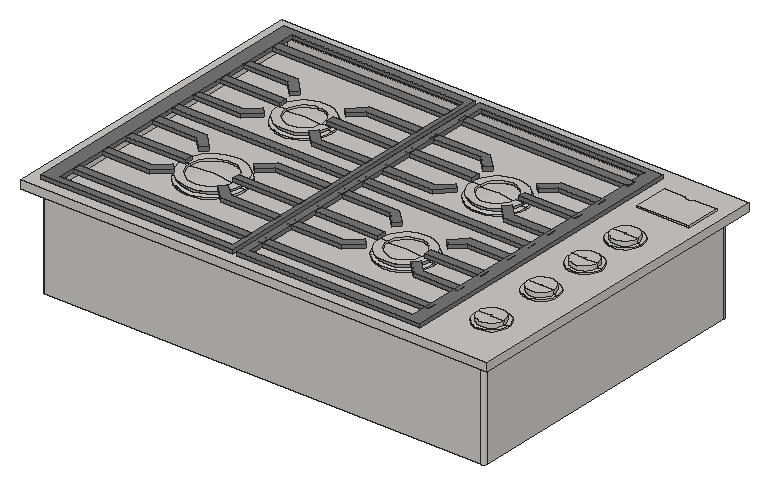
Revit family "DTG30M954F_Revit", category Specialty Equipment, Revit 2014
Parameters (values of type "DTG30M954F")
  Width = 30"
  WI FI HOOD CONNECTIVITY = "YES"
  VOLTS (V) = "120"
  Unit = Stainless Steel
  TOTAL NUMBER OF COOKTOP BURNERS = "4 (BRASS)"
  Support = Plastic-Black
  SEALED BURNERS = "YES"
  RIGHT REAR BURNER (BTU) = "9,500 (STACK BURNER)"
  RIGHT FRONT BURNER (BTU) = "9,500 (STACK BURNER)"
  Model = "DTG30M954F"
  Manufacturer = "Dacor"
  LP CONVERSION KIT = "YES"
  LIMITED, PARTS AND LABOR = "1 YEAR"
  LEFT REAR BURNER (BTU) = "13,000 (STACK BURNER)"
  LEFT FRONT BURNER (BTU) = "18,500 (DUAL BURNER)"
  LED KNOB BACKLIGHT + INDICATOR = "YES"
  INSTALLATION TYPE = "LOW-PROFILE (FLUSH)"
  Height = 6 1/2"
  GAS TYPE = "NATURAL GAS"
  FREQUENCY (HZ) = "60"
  ENERGY SOURCE = "GAS AND ELECTRIC"
  DISHWASHER SAFE KNOBS = "YES"
  CONTROL LOCATION = "RIGHT"
  CIRCUIT BREAKER (A) = "15"
  Burner = Stainless Steel
  Adjustment = Stainless Steel
  Description = "30-INCH GAS COOKTOP MODERNIST COLLECTION"
  Depth = 21"
  AUTOMATIC REIGNITION = "YES"
Reference planes (in)
  plane 1 "Center (Front/Back)": y = 0
  plane 2: z = 0
  plane 3 "Center (Left/Right)": x = 0
  plane 4: y = 10.5
  plane 5: y = -10.5
  plane 6: x = -15
  plane 7: x = 15
  plane 8: z = 6.5
  plane 9: y = -12.375
  plane 10: x = -14.25
  plane 11: x = 14.25
  plane 12: y = 9.75
  plane 13: y = -9.75
  plane 14: z = 6
Forms (in)
  Extrusion 1, solid, material "Stainless Steel" <- "Unit"
    sketch origin (0, 0, 0) x (1, 0, 0) y (0, 1, 0)
      loop
        arc (-14, 9.75) -> (-14.17678, 9.67678) -> (-14.25, 9.5) r 0.25
        line (-14.25, 9.5) -> (-14.25, -9.5)
        arc (-14.25, -9.5) -> (-14.17678, -9.67678) -> (-14, -9.75) r 0.25
        line (-14, -9.75) -> (14, -9.75)
        arc (14, -9.75) -> (14.17678, -9.67678) -> (14.25, -9.5) r 0.25
        line (14.25, -9.5) -> (14.25, 9.5)
        arc (14.25, 9.5) -> (14.17678, 9.67678) -> (14, 9.75) r 0.25
        line (14, 9.75) -> (-14, 9.75)
    from 0 to 6
  Extrusion 2, solid, material "Stainless Steel" <- "Unit"
    sketch origin (0, 0, 0) x (1, 0, 0) y (0, 1, 0)
      loop
        line (-15, 10.5) -> (-15, -10.5) -> (15, -10.5) -> (15, 10.5) -> (-15, 10.5)
      loop
        line (-13.6501, 9.25334) -> (-13.6501, -9.24666) -> (10.0999, -9.24666) -> (10.0999, 9.25334) -> (-13.6501, 9.25334)
    from 6 to 6.5
  Extrusion 3, solid, material "Plastic-Black" <- "Support"
    sketch origin (0, 0, 0) x (1, 0, 0) y (0, 1, 0)
      loop
        line (-14.25, 9.75) -> (-14.25, -9.75) -> (-1.96099, -9.75) -> (-1.96099, 9.75) -> (-14.25, 9.75)
      loop
        line (-13.42384, 9.33495) -> (-13.42384, -9.29005) -> (-2.29884, -9.29005) -> (-2.29884, 9.33495) -> (-13.42384, 9.33495)
      loop
        line (-1.69147, 9.75334) -> (-1.69147, -9.74666) -> (10.09754, -9.74666) -> (10.09754, 9.75334) -> (-1.69147, 9.75334)
      loop
        line (-1.24031, 9.33829) -> (-1.24031, -9.28671) -> (9.25969, -9.28671) -> (9.25969, 9.33829) -> (-1.24031, 9.33829)
    from 6.5 to 6.72965
  Extrusion 4, solid, material "Plastic-Black" <- "Support"
    sketch origin (0, 0, 0) x (1, 0, 0) y (0, 1, 0)
      loop
        line (-13.42384, 8.28127) -> (-13.42384, 7.76271) -> (-2.29884, 7.76271) -> (-2.29884, 8.28127) -> (-13.42384, 8.28127)
      loop
        line (-13.42384, 5.93857) -> (-13.42384, 5.43857) -> (-10.54884, 5.43857) -> (-9.84173, 4.73146) -> (-9.48818, 5.08501) -> (-10.34173, 5.93857) -> (-13.42384, 5.93857)
      loop
        line (-13.42384, 4.0261) -> (-13.42384, 3.5261) -> (-9.54884, 3.5261) -> (-9.54884, 4.0261) -> (-13.42384, 4.0261)
      loop
        line (-13.42384, 1.36362) -> (-10.34173, 1.36362) -> (-9.48818, 2.21718) -> (-9.84173, 2.57073) -> (-10.54884, 1.86362) -> (-13.42384, 1.86362) -> (-13.42384, 1.36362)
      loop
        line (-2.29884, 5.93857) -> (-5.75595, 5.93857) -> (-6.6095, 5.08501) -> (-6.25595, 4.73146) -> (-5.54884, 5.43857) -> (-2.29884, 5.43857) -> (-2.29884, 5.93857)
      loop
        line (-2.29884, 4.0261) -> (-6.54884, 4.0261) -> (-6.54884, 3.5261) -> (-2.29884, 3.5261) -> (-2.29884, 4.0261)
      loop
        line (-2.29884, 1.36362) -> (-2.29884, 1.86362) -> (-5.54884, 1.86362) -> (-6.25595, 2.57073) -> (-6.6095, 2.21718) -> (-5.75595, 1.36362) -> (-2.29884, 1.36362)
      loop
        line (-13.42384, -8.28127) -> (-2.29884, -8.28127) -> (-2.29884, -7.76271) -> (-13.42384, -7.76271) -> (-13.42384, -8.28127)
      loop
        line (-13.42384, -5.93857) -> (-10.34173, -5.93857) -> (-9.48818, -5.08501) -> (-9.84173, -4.73146) -> (-10.54884, -5.43857) -> (-13.42384, -5.43857) -> (-13.42384, -5.93857)
      loop
        line (-13.42384, -4.0261) -> (-9.54884, -4.0261) -> (-9.54884, -3.5261) -> (-13.42384, -3.5261) -> (-13.42384, -4.0261)
      loop
        line (-13.42384, -1.36362) -> (-13.42384, -1.86362) -> (-10.54884, -1.86362) -> (-9.84173, -2.57073) -> (-9.48818, -2.21718) -> (-10.34173, -1.36362) -> (-13.42384, -1.36362)
      loop
        line (-2.29884, -5.93857) -> (-2.29884, -5.43857) -> (-5.54884, -5.43857) -> (-6.25595, -4.73146) -> (-6.6095, -5.08501) -> (-5.75595, -5.93857) -> (-2.29884, -5.93857)
      loop
        line (-2.29884, -4.0261) -> (-2.29884, -3.5261) -> (-6.54884, -3.5261) -> (-6.54884, -4.0261) -> (-2.29884, -4.0261)
      loop
        line (-2.29884, -1.36362) -> (-5.75595, -1.36362) -> (-6.6095, -2.21718) -> (-6.25595, -2.57073) -> (-5.54884, -1.86362) -> (-2.29884, -1.86362) -> (-2.29884, -1.36362)
      loop
        line (-13.45168, -0.26855) -> (-2.32668, -0.26855) -> (-2.32668, 0.25) -> (-13.45168, 0.25) -> (-13.45168, -0.26855)
      loop
        line (9.45116, 8.28127) -> (-1.42384, 8.28127) -> (-1.42384, 7.76271) -> (9.45116, 7.76271) -> (9.45116, 8.28127)
      loop
        line (9.45116, 5.93857) -> (6.61905, 5.93857) -> (5.7655, 5.08501) -> (6.11905, 4.73146) -> (6.82616, 5.43857) -> (9.45116, 5.43857) -> (9.45116, 5.93857)
      loop
        line (9.45116, 4.0261) -> (5.82616, 4.0261) -> (5.82616, 3.5261) -> (9.45116, 3.5261) -> (9.45116, 4.0261)
      loop
        line (9.45116, 1.36362) -> (9.45116, 1.86362) -> (6.82616, 1.86362) -> (6.11905, 2.57073) -> (5.7655, 2.21718) -> (6.61905, 1.36362) -> (9.45116, 1.36362)
      loop
        line (-1.42384, 5.93857) -> (-1.42384, 5.43857) -> (1.82616, 5.43857) -> (2.53327, 4.73146) -> (2.88682, 5.08501) -> (2.03327, 5.93857) -> (-1.42384, 5.93857)
      loop
        line (-1.42384, 4.0261) -> (-1.42384, 3.5261) -> (2.82616, 3.5261) -> (2.82616, 4.0261) -> (-1.42384, 4.0261)
      loop
        line (-1.42384, 1.36362) -> (2.03327, 1.36362) -> (2.88682, 2.21718) -> (2.53327, 2.57073) -> (1.82616, 1.86362) -> (-1.42384, 1.86362) -> (-1.42384, 1.36362)
      loop
        line (9.45116, -8.28127) -> (9.45116, -7.76271) -> (-1.42384, -7.76271) -> (-1.42384, -8.28127) -> (9.45116, -8.28127)
      loop
        line (9.45116, -5.93857) -> (9.45116, -5.43857) -> (6.82616, -5.43857) -> (6.11905, -4.73146) -> (5.7655, -5.08501) -> (6.61905, -5.93857) -> (9.45116, -5.93857)
      loop
        line (9.45116, -4.0261) -> (9.45116, -3.5261) -> (5.82616, -3.5261) -> (5.82616, -4.0261) -> (9.45116, -4.0261)
      loop
        line (9.45116, -1.36362) -> (6.61905, -1.36362) -> (5.7655, -2.21718) -> (6.11905, -2.57073) -> (6.82616, -1.86362) -> (9.45116, -1.86362) -> (9.45116, -1.36362)
      loop
        line (-1.42384, -5.93857) -> (2.03327, -5.93857) -> (2.88682, -5.08501) -> (2.53327, -4.73146) -> (1.82616, -5.43857) -> (-1.42384, -5.43857) -> (-1.42384, -5.93857)
      loop
        line (-1.42384, -4.0261) -> (2.82616, -4.0261) -> (2.82616, -3.5261) -> (-1.42384, -3.5261) -> (-1.42384, -4.0261)
      loop
        line (-1.42384, -1.36362) -> (-1.42384, -1.86362) -> (1.82616, -1.86362) -> (2.53327, -2.57073) -> (2.88682, -2.21718) -> (2.03327, -1.36362) -> (-1.42384, -1.36362)
      loop
        line (9.479, -0.26855) -> (9.479, 0.25) -> (-1.396, 0.25) -> (-1.396, -0.26855) -> (9.479, -0.26855)
    from 6.5 to 6.72965
  Revolve 5, solid, material "Stainless Steel" <- "Burner"
    sketch origin (2.85402, -3.68833, 0) x (1, 0, 0) y (0, 0, 1)
      loop
        line (-10.94426, 6) -> (-10.94426, 6.36563) -> (-12.4001, 6.2496) -> (-12.4001, 6.36563) -> (-12.9001, 6.36563) -> (-12.7751, 6.14912) -> (-13.01658, 6.08442) -> (-13.01658, 6) -> (-10.94426, 6)
      axis (-10.94426, 6) -> (-10.94426, 6.36563)
    angle from 0 to 360
  Revolve 6, solid, material "Stainless Steel" <- "Burner"
    sketch origin (2.85402, 3.68833, 0) x (1, 0, 0) y (0, 0, -1)
      loop
        line (-10.94426, -6) -> (-12.73533, -6) -> (-12.73533, -6.08442) -> (-12.49385, -6.14912) -> (-12.61885, -6.36563) -> (-12.11885, -6.36563) -> (-12.11885, -6.2496) -> (-10.94426, -6.3242) -> (-10.94426, -6)
      axis (-10.94426, -6) -> (-10.94426, -6.36563)
    angle from 0 to 360
  Revolve 7, solid, material "Stainless Steel" <- "Burner"
    sketch origin (-6.60402, 3.68833, 0) x (-1, 0, 0) y (0, 0, 1)
      loop
        line (-10.94426, 6) -> (-10.94426, 6.33104) -> (-12.11885, 6.2496) -> (-12.11885, 6.36563) -> (-12.61885, 6.36563) -> (-12.49385, 6.14912) -> (-12.73533, 6.08442) -> (-12.73533, 6) -> (-10.94426, 6)
      axis (-10.94426, 6) -> (-10.94426, 6.36563)
    angle from 0 to 360
  Revolve 8, solid, material "Stainless Steel" <- "Burner"
    sketch origin (-6.60402, -3.68833, 0) x (-1, 0, 0) y (0, 0, -1)
      loop
        line (-10.94426, -6) -> (-12.73533, -6) -> (-12.73533, -6.08442) -> (-12.49385, -6.14912) -> (-12.61885, -6.36563) -> (-12.11885, -6.36563) -> (-12.11885, -6.2496) -> (-10.94426, -6.3344) -> (-10.94426, -6)
      axis (-10.94426, -6) -> (-10.94426, -6.36563)
    angle from 0 to 360
  Revolve 9, solid, material "Stainless Steel" <- "Adjustment"
    sketch origin (0.25, -7, 0) x (1, 0, 0) y (0, 0, 1)
      loop
        line (11.17081, 6.5) -> (12.23655, 6.5) -> (12.23655, 6.78923) -> (12.20206, 6.78923) -> (12.20206, 6.82234) -> (11.42081, 6.82234) -> (11.42081, 6.57234) -> (11.17081, 6.57234) -> (11.17081, 6.5)
      axis (12.23655, 6.5) -> (12.23655, 6.82234)
    angle from 0 to 360
  Revolve 10, solid, material "Stainless Steel" <- "Adjustment"
    sketch origin (0.25, -3, 0) x (1, 0, 0) y (0, 0, 1)
      loop
        line (11.17081, 6.5) -> (12.23655, 6.5) -> (12.23655, 6.78923) -> (12.20206, 6.78923) -> (12.20206, 6.82234) -> (11.42081, 6.82234) -> (11.42081, 6.57234) -> (11.17081, 6.57234) -> (11.17081, 6.5)
      axis (12.23655, 6.5) -> (12.23655, 6.82234)
    angle from 0 to 360
  Revolve 11, solid, material "Stainless Steel" <- "Adjustment"
    sketch origin (0.25, 0.5, 0) x (1, 0, 0) y (0, 0, 1)
      loop
        line (11.17081, 6.5) -> (12.23655, 6.5) -> (12.23655, 6.78923) -> (12.20206, 6.78923) -> (12.20206, 6.82234) -> (11.42081, 6.82234) -> (11.42081, 6.57234) -> (11.17081, 6.57234) -> (11.17081, 6.5)
      axis (12.23655, 6.5) -> (12.23655, 6.82234)
    angle from 0 to 360
  Revolve 12, solid, material "Stainless Steel" <- "Adjustment"
    sketch origin (0.25, 3.75, 0) x (1, 0, 0) y (0, 0, 1)
      loop
        line (11.17081, 6.5) -> (12.23655, 6.5) -> (12.23655, 6.78923) -> (12.20206, 6.78923) -> (12.20206, 6.82234) -> (11.42081, 6.82234) -> (11.42081, 6.57234) -> (11.17081, 6.57234) -> (11.17081, 6.5)
      axis (12.23655, 6.5) -> (12.23655, 6.82234)
    angle from 0 to 360
  Extrusion 13, solid, material "Stainless Steel" <- "Adjustment"
    sketch origin (0, 0, 0) x (1, 0, 0) y (0, 1, 0)
      loop
        line (10.91533, 8.92883) -> (10.91533, 6.67424) -> (14.25, 6.67424) -> (14.25, 8.92883) -> (12.8102, 8.92883)
        arc (12.8102, 8.92883) -> (12.48777, 8.72222) -> (12.16533, 8.92883) r 0.35489
        line (12.16533, 8.92883) -> (10.91533, 8.92883)
    from 6.5 to 6.57234
Dimensions and locks (in)
  equal spacing: plane 6, plane 3 "Center (Left/Right)", plane 7
  "Width": plane 6 to plane 7
  equal spacing: plane 4, plane 1 "Center (Front/Back)", plane 5
  "Depth": plane 4 to plane 5
  "Height": plane 8 to plane 2
  plane 5 to plane 9 = 1 7/8"
  equal spacing: plane 10, plane 3 "Center (Left/Right)", plane 11
  plane 10 to plane 11 = 28 1/2"
  equal spacing: plane 12, plane 1 "Center (Front/Back)", plane 13
  plane 12 to plane 13 = 19 1/2"
  plane 8 to plane 14 = 1/2"
  aligned and locked: level to plane 2
  aligned and locked: plane 14 to Extrusion 1
Automatic sketch dimensions
  Extrusion 1 sketch curve to plane 10 = 0"
  Extrusion 1 sketch curve to plane 13 = 0"
  Extrusion 1 sketch curve to plane 12 = 0"
  Extrusion 1 sketch curve to plane 11 = 0"
  plane 10 to Extrusion 1 sketch curve = 1/4"
  Extrusion 1 sketch curve to Extrusion 1 sketch curve = 1/4"  (x2)
  Extrusion 1 sketch curve to plane 11 = 1/4"
  Extrusion 2 sketch curve to plane 5 = 0"
  Extrusion 2 sketch curve to plane 6 = 0"
  Extrusion 2 sketch curve to plane 4 = 0"
  Extrusion 2 sketch curve to plane 7 = 0"
  plane 10 to Extrusion 2 sketch curve = 0.5999"
  Extrusion 2 sketch curve to plane 12 = 0.49666"
  Extrusion 2 sketch curve to plane 11 = 4.1501"
  plane 13 to Extrusion 2 sketch curve = 0.50334"
  Extrusion 3 sketch curve to plane 10 = 0"
  Extrusion 3 sketch curve to plane 12 = 0"
  Extrusion 3 sketch curve to plane 13 = 0"
  plane 10 to Extrusion 3 sketch curve = 0.82616"
  Extrusion 3 sketch curve to plane 12 = 0.41505"
  Extrusion 3 sketch curve to plane 3 "Center (Left/Right)" = 2.29884"
  Extrusion 3 sketch curve to Extrusion 3 sketch curve = 0.33785"
  plane 12 to Extrusion 3 sketch curve = 0.00334"
  Extrusion 3 sketch curve to Extrusion 3 sketch curve = 69/256"
  Extrusion 3 sketch curve to Extrusion 3 sketch curve = 0.45116"
  Extrusion 3 sketch curve to plane 12 = 0.41171"
  Extrusion 3 sketch curve to plane 11 = 4.99031"
  Extrusion 3 sketch curve to Extrusion 3 sketch curve = 0.83785"
  plane 13 to Extrusion 3 sketch curve = 0.00334"
  plane 13 to Extrusion 3 sketch curve = 0.45995"
  plane 13 to Extrusion 3 sketch curve = 0.46329"
  Extrusion 4 sketch curve to plane 1 "Center (Front/Back)" = 1/4"  (x2)
  plane 10 to Extrusion 4 sketch curve = 0.79832"
  plane 10 to Extrusion 4 sketch curve = 0.82616"  (x8)
  Extrusion 4 sketch curve to Extrusion 4 sketch curve = 2 7/8"  (x4)
  Extrusion 4 sketch curve to plane 1 "Center (Front/Back)" = 1.36362"  (x4)
  Extrusion 4 sketch curve to Extrusion 4 sketch curve = 0.20711"  (x15)
  plane 1 "Center (Front/Back)" to Extrusion 4 sketch curve = 1.36362"  (x2)
  Extrusion 4 sketch curve to Extrusion 4 sketch curve = 0.70711"  (x8)
  Extrusion 4 sketch curve to Extrusion 4 sketch curve = 0.29289"  (x4)
  Extrusion 4 sketch curve to Extrusion 4 sketch curve = 0.35355"  (x21)
  plane 1 "Center (Front/Back)" to Extrusion 4 sketch curve = 2.21718"  (x2)
  Extrusion 4 sketch curve to plane 1 "Center (Front/Back)" = 2.21718"  (x2)
  Extrusion 4 sketch curve to Extrusion 4 sketch curve = 2.87868"  (x4)
  Extrusion 4 sketch curve to Extrusion 4 sketch curve = 0"  (x17)
  Extrusion 4 sketch curve to Extrusion 4 sketch curve = 0.06066"  (x4)
  plane 1 "Center (Front/Back)" to Extrusion 4 sketch curve = 2.57073"  (x2)
  Extrusion 4 sketch curve to plane 1 "Center (Front/Back)" = 2.57073"  (x2)
  Extrusion 4 sketch curve to Extrusion 4 sketch curve = 0.85355"  (x6)
  Extrusion 4 sketch curve to plane 3 "Center (Left/Right)" = 2.32668"
  Extrusion 4 sketch curve to plane 3 "Center (Left/Right)" = 2.29884"  (x2)
  Extrusion 4 sketch curve to Extrusion 4 sketch curve = 0.02784"  (x3)
  Extrusion 4 sketch curve to Extrusion 4 sketch curve = 7/8"  (x8)
  Extrusion 4 sketch curve to Extrusion 4 sketch curve = 0.93067"
  plane 3 "Center (Left/Right)" to Extrusion 4 sketch curve = 1.82616"  (x4)
  plane 13 to Extrusion 4 sketch curve = 3.81143"
  Extrusion 4 sketch curve to plane 12 = 3.81143"
  Extrusion 4 sketch curve to plane 1 "Center (Front/Back)" = 1.86362"
  plane 13 to Extrusion 4 sketch curve = 4.31143"
  Extrusion 4 sketch curve to Extrusion 4 sketch curve = 2 5/8"  (x2)
  plane 13 to Extrusion 4 sketch curve = 1 15/32"
  Extrusion 4 sketch curve to Extrusion 4 sketch curve = 2.83211"
  Extrusion 4 sketch curve to Extrusion 4 sketch curve = 0.51855"  (x4)
  Extrusion 4 sketch curve to Extrusion 4 sketch curve = 1.82415"  (x3)
  Extrusion 4 sketch curve to Extrusion 4 sketch curve = 3.36784"
  Extrusion 4 sketch curve to Extrusion 4 sketch curve = 1/2"  (x12)
  Extrusion 4 sketch curve to Extrusion 4 sketch curve = 1.41247"  (x2)
  Extrusion 4 sketch curve to Extrusion 4 sketch curve = 0.70536"  (x5)
  Extrusion 4 sketch curve to Extrusion 4 sketch curve = 0.95536"  (x3)
  plane 1 "Center (Front/Back)" to Extrusion 4 sketch curve = 0.26855"  (x2)
  Extrusion 4 sketch curve to Extrusion 4 sketch curve = 1.66247"
  Revolve 5 sketch curve to plane 14 = 0"
  plane 10 to Revolve 5 sketch curve = 4.08744"
  Revolve 5 sketch curve to plane 8 = 0.13437"  (x2)
  Revolve 5 sketch curve to Revolve 5 sketch curve = 0.11648"
  plane 14 to Revolve 5 sketch curve = 0.14912"
  Revolve 5 sketch curve to Revolve 5 sketch curve = 1/8"
  Revolve 5 sketch curve to Revolve 5 sketch curve = 3/8"
  Revolve 5 sketch curve to Revolve 5 sketch curve = 1.45584"
  plane 14 to Revolve 5 sketch curve = 0.08442"
  Revolve 5 sketch curve to Revolve 5 sketch curve = 0.11603"
  Revolve 5 sketch curve to Revolve 5 sketch curve = 0"
  plane 14 to Revolve 5 sketch curve = 0.0837"
  Revolve 5 sketch curve to Revolve 5 sketch curve = 0.05293"
  Revolve 6 sketch curve to plane 14 = 0"
  plane 10 to Revolve 6 sketch curve = 4.36869"
  Revolve 6 sketch curve to plane 8 = 0.13437"
  Revolve 6 sketch curve to Revolve 6 sketch curve = 0.11648"
  plane 14 to Revolve 6 sketch curve = 0.14912"
  Revolve 6 sketch curve to Revolve 6 sketch curve = 1/8"
  Revolve 6 sketch curve to Revolve 6 sketch curve = 3/8"
  Revolve 6 sketch curve to Revolve 6 sketch curve = 1.17459"
  Revolve 6 sketch curve to plane 8 = 0.1758"
  Revolve 6 sketch curve to Revolve 6 sketch curve = 0.11603"
  plane 14 to Revolve 6 sketch curve = 0.08442"
  Revolve 6 sketch curve to Revolve 6 sketch curve = 0"
  Revolve 6 sketch curve to plane 8 = 0.08145"
  plane 14 to Revolve 6 sketch curve = 0.0837"
  Revolve 7 sketch curve to plane 14 = 0"
  plane 3 "Center (Left/Right)" to Revolve 7 sketch curve = 6.13131"
  Revolve 7 sketch curve to plane 8 = 0.13437"
  Revolve 7 sketch curve to Revolve 7 sketch curve = 0.11648"
  plane 14 to Revolve 7 sketch curve = 0.14912"
  Revolve 7 sketch curve to Revolve 7 sketch curve = 1/8"
  Revolve 7 sketch curve to Revolve 7 sketch curve = 3/8"
  Revolve 7 sketch curve to Revolve 7 sketch curve = 1.17459"
  Revolve 7 sketch curve to Revolve 7 sketch curve = 0.08442"
  Revolve 7 sketch curve to Revolve 7 sketch curve = 0.11603"
  Revolve 7 sketch curve to plane 8 = 0.16896"
  Revolve 7 sketch curve to Revolve 7 sketch curve = 0"
  Revolve 7 sketch curve to Revolve 7 sketch curve = 0.0837"
  Revolve 7 sketch curve to plane 8 = 0.08145"
  Revolve 8 sketch curve to plane 14 = 0"
  plane 3 "Center (Left/Right)" to Revolve 8 sketch curve = 6.13131"
  Revolve 8 sketch curve to plane 8 = 0.13437"
  Revolve 8 sketch curve to Revolve 8 sketch curve = 0.11648"
  plane 14 to Revolve 8 sketch curve = 0.14912"
  Revolve 8 sketch curve to Revolve 8 sketch curve = 1/8"
  Revolve 8 sketch curve to Revolve 8 sketch curve = 3/8"
  Revolve 8 sketch curve to Revolve 8 sketch curve = 1.17459"
  Revolve 8 sketch curve to plane 8 = 0.1656"
  Revolve 8 sketch curve to Revolve 8 sketch curve = 0.11603"
  Revolve 8 sketch curve to Revolve 8 sketch curve = 0.08442"
  Revolve 8 sketch curve to Revolve 8 sketch curve = 0"
  Revolve 8 sketch curve to plane 8 = 0.08145"
  Revolve 8 sketch curve to Revolve 8 sketch curve = 0.0837"
  Revolve 9 sketch curve to plane 8 = 0"
  Revolve 9 sketch curve to plane 11 = 2.82919"
  Revolve 9 sketch curve to Revolve 9 sketch curve = 1/4"  (x2)
  plane 8 to Revolve 9 sketch curve = 0.28923"
  Revolve 9 sketch curve to Revolve 9 sketch curve = 25/32"
  Revolve 9 sketch curve to Revolve 9 sketch curve = 0.03449"
  plane 8 to Revolve 9 sketch curve = 0.07234"
  Revolve 9 sketch curve to Revolve 9 sketch curve = 0"
  plane 8 to Revolve 9 sketch curve = 0.05786"
  Revolve 9 sketch curve to Revolve 9 sketch curve = 0.07336"
  Revolve 10 sketch curve to plane 8 = 0"
  Revolve 10 sketch curve to plane 11 = 2.82919"
  Revolve 10 sketch curve to Revolve 10 sketch curve = 1/4"  (x2)
  plane 8 to Revolve 10 sketch curve = 0.28923"
  Revolve 10 sketch curve to Revolve 10 sketch curve = 25/32"
  Revolve 10 sketch curve to Revolve 10 sketch curve = 0.03449"
  plane 8 to Revolve 10 sketch curve = 0.07234"
  Revolve 10 sketch curve to Revolve 10 sketch curve = 0"
  plane 8 to Revolve 10 sketch curve = 0.05786"
  Revolve 10 sketch curve to Revolve 10 sketch curve = 0.07336"
  Revolve 11 sketch curve to plane 8 = 0"
  Revolve 11 sketch curve to plane 11 = 2.82919"
  Revolve 11 sketch curve to Revolve 11 sketch curve = 1/4"  (x2)
  plane 8 to Revolve 11 sketch curve = 0.28923"
  Revolve 11 sketch curve to Revolve 11 sketch curve = 25/32"
  Revolve 11 sketch curve to Revolve 11 sketch curve = 0.03449"
  plane 8 to Revolve 11 sketch curve = 0.07234"
  Revolve 11 sketch curve to Revolve 11 sketch curve = 0"
  plane 8 to Revolve 11 sketch curve = 0.05786"
  Revolve 11 sketch curve to Revolve 11 sketch curve = 0.07336"
  Revolve 12 sketch curve to plane 8 = 0"
  Revolve 12 sketch curve to plane 11 = 2.82919"
  Revolve 12 sketch curve to Revolve 12 sketch curve = 1/4"  (x2)
  plane 8 to Revolve 12 sketch curve = 0.28923"
  Revolve 12 sketch curve to Revolve 12 sketch curve = 25/32"
  Revolve 12 sketch curve to Revolve 12 sketch curve = 0.03449"
  plane 8 to Revolve 12 sketch curve = 0.07234"
  Revolve 12 sketch curve to Revolve 12 sketch curve = 0"
  plane 8 to Revolve 12 sketch curve = 0.05786"
  Revolve 12 sketch curve to Revolve 12 sketch curve = 0.07336"
  Extrusion 13 sketch curve to plane 11 = 0"
  Extrusion 13 sketch curve to plane 12 = 0.67289"
  Extrusion 13 sketch curve to plane 11 = 1.76223"
  Extrusion 13 sketch curve to Extrusion 13 sketch curve = 1.57243"
  Extrusion 13 sketch curve to Extrusion 13 sketch curve = 2.25458"
  Extrusion 13 sketch curve to Extrusion 13 sketch curve = 0.14828"
  Extrusion 13 sketch curve to Extrusion 13 sketch curve = 0.32243"
  Extrusion 13 sketch curve to Extrusion 13 sketch curve = 0.64486"
